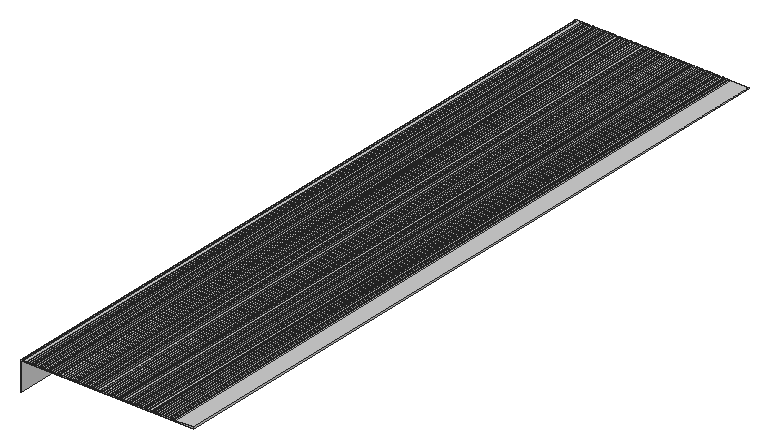
Revit family "111213010021709", category Modelos genéricos, Revit 2018
Family settings
  Puede alojar armadura = No
  Cota de conector redondo = Diámetro de uso
  Tipo de pieza = Normal
  Se basa en plano de trabajo = No
  Siempre vertical = No
  Corte con vacíos al cargar = No
  Compartido = No
  Punto de cálculo de habitación = No
Parameters (values of type "GRADA NEO PVC 300X50MM GRIS CLARO TIRA 1.20")
  Ventajas = "Autoextinguible"
  Uso = "Fabricado en PVC, ideal para zonas de medio y alto trafico, con estrías\r\nantideslizantes. Ideal para: Edificios Públicos y Privados, Colegios, Universidades, Centros\r\ncomerciales, Aeropuertos, Hoteles, Edificios Habitacionales, entre otros."
  Unidad = "Tiras de 1.20 Mts y 3.00 Mts."
  URL = "https://www.empresascnp.cl/"
  Num SKUs = "111213010021709"
  Nombre SKU = "GRADA NEO PVC 300X50MM GRIS CLARO TIRA 1.2MT"
  Modelo = "GRADA NEO PVC 300X50MM"
  Material = PVC flexible gris claro
  Url Ficha tecnica = "https://empresascnp.cl/wp-content/uploads//pdf/ficha-tecnica-grada-neo-pvc-300x50mm-gris-tira-1-2mt.pdf"
  Largo = 1200.00 mm
  Espesor = 2.00 mm
  Empresa = "CNP SPA."
  Dureza = "80 shore A"
  Dimension = 300.00 mm
  Descripción = "Grada Neo 300x50 MM."
  Contacto = "info@empresascnp.cl"
  Color = "GRIS"
  Aplicacion = "Escaleras"
  Alto = 50.00 mm
Reference planes
  plane 1 "Center F/B": y = 0
  plane 2: z = 0
  plane 3 "Center L/R": x = 0
  plane 4: z = -50
  plane 5 "2": y = 600
  plane 6 "3": y = -600
  plane 7: x = 300
  plane 8: z = -2
  plane 9 "4": x = 2
Forms (mm)
  Extrusion 1, solid, material "PVC flexible gris claro" <- "Material"
    sketch origin (0, 0, 0) x (1, 0, 0) y (0, 0, 1)
      loop
        line (300, 0) -> (270, 0) -> (270, -0.79) -> (266, -0.79) -> (266, 0) -> (264, 0) -> (264, -0.79) -> (263, -0.79) -> (263, 0) -> (261, 0) -> (261, -0.79) -> (260, -0.79) -> (260, 0) -> (258, 0) -> (258, -0.79) -> (257, -0.79) -> (257, 0) -> (255, 0) -> (255, -0.79) -> (251, -0.79) -> (251, 0) -> (249, 0) -> (249, -0.79) -> (248, -0.79) -> (248, 0) -> (246, 0) -> (246, -0.79) -> (245, -0.79) -> (245, 0) -> (243, 0) -> (243, -0.79) -> (242, -0.79) -> (242, 0) -> (240, 0) -> (240, -0.79) -> (236, -0.79) -> (236, 0) -> (234, 0) -> (234, -0.79) -> (233, -0.79) -> (233, 0) -> (231, 0) -> (231, -0.79) -> (230, -0.79) -> (230, 0) -> (228, 0) -> (228, -0.79) -> (227, -0.79) -> (227, 0) -> (225, 0) -> (225, -0.79) -> (221, -0.79) -> (221, 0) -> (219, 0) -> (219, -0.79) -> (218, -0.79) -> (218, 0) -> (216, 0) -> (216, -0.79) -> (215, -0.79) -> (215, 0) -> (213, 0) -> (213, -0.79) -> (212, -0.79) -> (212, 0) -> (210, 0) -> (210, -0.79) -> (206, -0.79) -> (206, 0) -> (204, 0) -> (204, -0.79) -> (203, -0.79) -> (203, 0) -> (201, 0) -> (201, -0.79) -> (200, -0.79) -> (200, 0) -> (198, 0) -> (198, -0.79) -> (197, -0.79) -> (197, 0) -> (195, 0) -> (195, -0.79) -> (191, -0.79) -> (191, 0) -> (189, 0) -> (189, -0.79) -> (188, -0.79) -> (188, 0) -> (186, 0) -> (186, -0.79) -> (185, -0.79) -> (185, 0) -> (183, 0) -> (183, -0.79) -> (182, -0.79) -> (182, 0) -> (180, 0) -> (180, -0.79) -> (176, -0.79) -> (176, 0) -> (174, 0) -> (174, -0.79) -> (173, -0.79) -> (173, 0) -> (171, 0) -> (171, -0.79) -> (170, -0.79) -> (170, 0) -> (168, 0) -> (168, -0.79) -> (167, -0.79) -> (167, 0) -> (165, 0) -> (165, -0.79) -> (161, -0.79) -> (161, 0) -> (159, 0) -> (159, -0.79) -> (158, -0.79) -> (158, 0) -> (156, 0) -> (156, -0.79) -> (155, -0.79) -> (155, 0) -> (153, 0) -> (153, -0.79) -> (152, -0.79) -> (152, 0) -> (150, 0) -> (150, -0.79) -> (146, -0.79) -> (146, 0) -> (144, 0) -> (144, -0.79) -> (143, -0.79) -> (143, 0) -> (141, 0) -> (141, -0.79) -> (140, -0.79) -> (140, 0) -> (138, 0) -> (138, -0.79) -> (137, -0.79) -> (137, 0) -> (135, 0) -> (135, -0.79) -> (131, -0.79) -> (131, 0) -> (129, 0) -> (129, -0.79) -> (128, -0.79) -> (128, 0) -> (126, 0) -> (126, -0.79) -> (125, -0.79) -> (125, 0) -> (123, 0) -> (123, -0.79) -> (122, -0.79) -> (122, 0) -> (120, 0) -> (120, -0.79) -> (116, -0.79) -> (116, 0) -> (114, 0) -> (114, -0.79) -> (113, -0.79) -> (113, 0) -> (111, 0) -> (111, -0.79) -> (110, -0.79) -> (110, 0) -> (108, 0) -> (108, -0.79) -> (107, -0.79) -> (107, 0) -> (105, 0) -> (105, -0.79) -> (101, -0.79) -> (101, 0) -> (99, 0) -> (99, -0.79) -> (98, -0.79) -> (98, 0) -> (96, 0) -> (96, -0.79) -> (95, -0.79) -> (95, 0) -> (93, 0) -> (93, -0.79) -> (92, -0.79) -> (92, 0) -> (90, 0) -> (90, -0.79) -> (86, -0.79) -> (86, 0) -> (84, 0) -> (84, -0.79) -> (83, -0.79) -> (83, 0) -> (81, 0) -> (81, -0.79) -> (80, -0.79) -> (80, 0) -> (78, 0) -> (78, -0.79) -> (77, -0.79) -> (77, 0) -> (75, 0) -> (75, -0.79) -> (71, -0.79) -> (71, 0) -> (69, 0) -> (69, -0.79) -> (68, -0.79) -> (68, 0) -> (66, 0) -> (66, -0.79) -> (65, -0.79) -> (65, 0) -> (63, 0) -> (63, -0.79) -> (62, -0.79) -> (62, 0) -> (60, 0) -> (60, -0.79) -> (56, -0.79) -> (56, 0) -> (54, 0) -> (54, -0.79) -> (53, -0.79) -> (53, 0) -> (51, 0) -> (51, -0.79) -> (50, -0.79) -> (50, 0) -> (48, 0) -> (48, -0.79) -> (47, -0.79) -> (47, 0) -> (45, 0) -> (45, -0.79) -> (41, -0.79) -> (41, 0) -> (39, 0) -> (39, -0.79) -> (38, -0.79) -> (38, 0) -> (36, 0) -> (36, -0.79) -> (35, -0.79) -> (35, 0) -> (33, 0) -> (33, -0.79) -> (32, -0.79) -> (32, 0) -> (30, 0) -> (30, -0.79) -> (26, -0.79) -> (26, 0) -> (24, 0) -> (24, -0.79) -> (23, -0.79) -> (23, 0) -> (21, 0) -> (21, -0.79) -> (20, -0.79) -> (20, 0) -> (18, 0) -> (18, -0.79) -> (17, -0.79) -> (17, 0) -> (15, 0) -> (15, -0.79) -> (11, -0.79) -> (11, 0) -> (3, 0)
        arc (3, 0) -> (0.879, -0.879) -> (0, -3) r 3
        line (0, -3) -> (0, -50) -> (2, -50) -> (2, -3)
        arc (2, -3) -> (2.293, -2.293) -> (3, -2) r 1
        line (3, -2) -> (300, -2) -> (300, 0)
    from -600 to 600
Dimensions and locks
  "Alto": level to plane 4
  equal spacing: plane 6 "3", plane 1 "Center F/B", plane 5 "2"
  "Largo": plane 6 "3" to plane 5 "2"
  "Dimension": plane 7 to plane 3 "Center L/R"
  "Espesor": plane 2 to Extrusion 1 sketch curve
  "Espesor": Extrusion 1 sketch curve to plane 3 "Center L/R"
  aligned and locked: plane 6 "3" to Extrusion 1
  aligned and locked: Extrusion 1 to plane 5 "2"
  aligned and locked: Extrusion 1 sketch curve to plane 3 "Center L/R"
  aligned and locked: plane 2 to Extrusion 1 sketch curve
  aligned and locked: Extrusion 1 sketch curve to plane 7
  aligned and locked: plane 4 to Extrusion 1 sketch curve
Automatic sketch dimensions
  Extrusion 1 sketch curve to Extrusion 1 sketch curve = 0.00 mm  (x2)
  Extrusion 1 sketch curve to level = 0.00 mm  (x68)
  plane 9 "4" to Extrusion 1 sketch curve = 1.00 mm
  Extrusion 1 sketch curve to level = 0.79 mm  (x69)
  Extrusion 1 sketch curve to Extrusion 1 sketch curve = 8.00 mm
  Extrusion 1 sketch curve to Extrusion 1 sketch curve = 4.00 mm  (x18)
  Extrusion 1 sketch curve to Extrusion 1 sketch curve = 2.00 mm  (x68)
  Extrusion 1 sketch curve to Extrusion 1 sketch curve = 1.00 mm  (x51)
